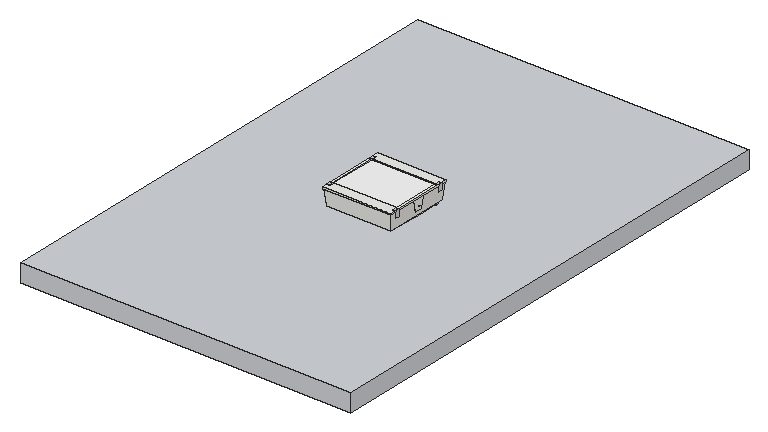
Revit family "ROBUST_xxx-DB", category Leuchten, Revit 2020
Family settings
  Basisbauteil = Fläche
  Bemaßung runder Anschluss = Durchmesser verwenden
  Teiletyp = Normal
  OmniClass-Nummer = 23.80.70.11
  OmniClass-Titel = Luminaries for Internal Lighting
  Beim Laden mit Abzugskörper schneiden = Nein
  Lichtquelle = Ja
  Gemeinsam genutzt = Nein
  Raumberechnungspunkt = Nein
Parameters (values of type "ROBUST NDWS840B1500-DB")
  weight = "7.4 kg"
  voltage type (AC-DC-UC) = "AC"
  rated input power = 118
  product name = "ROBUST NDWS840B1500-DB"
  nominal voltage = 230 V
  nominal frequency = "50-60 Hz"
  impact protection rating (IK) = "IK 09"  # constant formula
  built-in parameter 1150104 = 13.8 (stored number, unit not read)
  Width = 415 mm
  Wattage = 100.039 W
  Default Elevation = 0 mm
  Von Länge des Rechtecks aussenden = 386 mm
  Von Breite des Rechtecks ausssenden = 292 mm
  built-in parameter 1150113 = 1 (stored number, unit not read)
  built-in parameter 1114218 = 1 (stored number, unit not read)
  URL = "www.ridi.de"
  built-in parameter 1150134 = 12
  built-in parameter 1150109 = 1 (stored number, unit not read)
  built-in parameter 1150110 = 1 (stored number, unit not read)
  Apparent Load = 118 VA
  Tilt Angle = -90.00°
  Modell = "6068020"
  built-in parameter 1114217 = 1 (stored number, unit not read)
  built-in parameter 1150139 = (empty or 0)
  built-in parameter 1150105 = 9626.5 (stored number, unit not read)
  built-in parameter 1150114 = 1 (stored number, unit not read)
  Lumens = 14860 lm
  built-in parameter 1150115 = 1 (stored number, unit not read)
  Length = 415 mm
  built-in parameter 1150112 = 1 (stored number, unit not read)
  Lampe = "LED"
  IP Rating = "IP66"  # constant formula
  Hersteller = "RIDI Leuchten GmbH"  # constant formula
  Height = 130 mm  # constant formula
  Dimming Lamp Color Temperature Shift = (empty or 0)
  Color Filter = 16777215
  built-in parameter 1150133 = 10 (stored number, unit not read)
  Emit Shape Visible in Rendering = no
  built-in parameter 1150137 = (empty or 0)
  built-in parameter 1150132 = 2
  Datei für fotometrisches Netz = "ROBUST NDWS840B1500-DB.IES"
  Copyright = "© RIDI. All rights reserved."  # constant formula
  Certification = "CE"  # constant formula
  Beschreibung = "Anbauindustrieleuchte Schutzart IP66 für Decken-, Pendel- oder Tragschienenmontage.\r\nStabiles Leuchtengehäuse aus Aluminiumdruckguss, weiß, pulverbeschichtet, Farbe ähnlich\r\nRAL9016. RIDI-LED-Module als Linearplatine ausgebildet, bestückt mit LEDs mit erhöhter\r\nSchadgasfestigkeit. Scheibe aus Einscheibensicherheitsglas (ESG), strukturiert, über\r\nEdelstahl-Verschlüsse am Gehäuse befestigt und mit Schrauben gesichert.\r\nSchlagfestigkeit IK09.\r\nFarbwiedergabeindex Ra >= 80, Farbtemperatur 4000 Kelvin (840)\r\nElektrische Ausführungen:\r\nElektronischer Konverter für LED, 230-240 Volt, 0/50/60 Hz und innen\r\nliegender Anschlussklemme 5x2,5mm². Netzanschlussleitung ÖLFLEX 3x1,0mm²\r\nschwarz mit offenem Ende, Länge 2m. Offene Enden mit Leuchtenklemme geschützt.\r\nLeuchte mit integriertem 10kV-Transientenfilter entsprechend der DB-Anforderungen.\r\nBetriebsgerät: schaltbar"
  built-in parameter 1150106 = 96.265 (stored number, unit not read)
  Baugruppenkennzeichen = "D5020200"
  built-in parameter 1150107 = 4000 (stored number, unit not read)
  built-in parameter 1150102 = (empty or 0)
  built-in parameter 1150138 = (empty or 0)
Types (3, lengths in mm): name | rated input power | product name | Wattage | Apparent Load | Modell | built-in parameter 1150105 | Lumens | Datei für fotometrisches Netz | built-in parameter 1150106
  (no name) | 118 | "ROBUST NDWS840B1500-DB" | 100.039 W | 118 VA | "6068020" | 9626.5 (stored number, unit not read) | 14860 lm | "ROBUST NDWS840B1500-DB.IES" | 96.265 (stored number, unit not read)
  ROBUST NDWS840B1500-DB | 118 | "ROBUST NDWS840B1500-DB" | 100.039 W | 118 VA | "6068020" | 9626.5 (stored number, unit not read) | 14860 lm | "ROBUST NDWS840B1500-DB.IES" | 96.265 (stored number, unit not read)
  ROBUST NDWS840B2000-DB | 158 | "ROBUST NDWS840B2000-DB" | 132.892 W | 158 VA | "6068007" | 13653.4 (stored number, unit not read) | 19740 lm | "ROBUST NDWS840B2000-DB.IES" | 136.53 (stored number, unit not read)
Reference planes
  plane 1 "Mitte (Vorne/hinten)": y = 0
  plane 2: z = 0
  plane 3 "Mitte (Links/rechts)": x = 0
Forms (mm)
  Extrusion 1, solid
    sketch origin (219.2, 280.8, 0) x (1, 0, 0) y (0, 1, 0)
      loop
        line (-1219.2, 1219.2) -> (-1219.2, -1780.8) -> (780.8, -1780.8) -> (780.8, 1219.2) -> (-1219.2, 1219.2)
    from 0 to -107.307
  Extrusion 2, solid, material "RIDI Metall White 9016"
    sketch origin (0, 0, 0) x (1, 0, 0) y (0, 1, 0)
      loop
        line (-207.5, -207.5) -> (207.5, -207.5) -> (207.5, 207.5) -> (-207.5, 207.5) -> (-207.5, -207.5)
    from 116 to 124.9
  Blend 3, solid, material "RIDI Metall White 9016"
    base sketch origin (0, 0, 0) x (1, 0, 0) y (0, 1, 0)
      loop
        line (-202.4, -202.4) -> (202.4, -202.4) -> (202.4, 202.4) -> (-202.4, 202.4) -> (-202.4, -202.4)
    top sketch origin (0, 0, 0) x (1, 0, 0) y (0, 1, 0)
      loop
        line (-194, -194) -> (194, -194) -> (194, 194) -> (-194, 194) -> (-194, -194)
    from 116 to 20
  Extrusion 4, solid, material "RIDI Metall White 9016"
    sketch origin (0, 0, 125) x (0, -1, 0) y (0, 0, -1)
      loop
        line (0, 9) -> (35, 9) -> (17.985, 72.5) -> (0, 72.5) -> (-17.985, 72.5) -> (-35, 9) -> (0, 9)
    from 194 to 207.5
  Extrusion 5, void
    sketch origin (0, 0, 23.631) x (0, 1, 0) y (0, 0, 1)
      loop
        line (5.5, 50.87) -> (3.889, 54.759) -> (0, 56.369) -> (-3.889, 54.759) -> (-5.5, 50.87) -> (-3.889, 46.981) -> (0, 45.37) -> (3.889, 46.981) -> (5.5, 50.87)
    from 194 to 215.982
  Extrusion 6, solid
    sketch origin (0, 0, 0) x (0, 1, 0) y (0, 0, 1)
      loop
        line (173.971, 85) -> (173.971, 125) -> (151.452, 125) -> (151.452, 85) -> (173.971, 85)
      loop
        line (-173.971, 85) -> (-151.452, 85) -> (-151.452, 125) -> (-173.971, 125) -> (-173.971, 85)
    from 190 to 207.6
  Extrusion 7, solid, material "RIDI Metall White 9016"
    sketch origin (-8, -106.007, -6) x (1, 0, 0) y (0, 1, 0)
      loop
        line (0, 6) -> (0, -10) -> (16, -10) -> (16, 6) -> (0, 6)
      loop
        line (0, 206.014) -> (16, 206.014) -> (16, 222.014) -> (0, 222.014) -> (0, 206.014)
    from 6 to 26
  Extrusion 8, solid, material "RIDI Metall White 9016"
    sketch origin (0, 0, 0) x (1, 0, 0) y (0, 1, 0)
      loop
        line (140, -141.479) -> (137.51, -142.51) -> (136.479, -145) -> (137.51, -147.49) -> (140, -148.521) -> (142.49, -147.49) -> (143.521, -145) -> (142.49, -142.51) -> (140, -141.479)
      loop
        line (-139.924, -141.479) -> (-142.414, -142.51) -> (-143.445, -145) -> (-142.414, -147.49) -> (-139.924, -148.521) -> (-137.434, -147.49) -> (-136.402, -145) -> (-137.434, -142.51) -> (-139.924, -141.479)
      loop
        line (140, 141.479) -> (142.49, 142.51) -> (143.521, 145) -> (142.49, 147.49) -> (140, 148.521) -> (137.51, 147.49) -> (136.479, 145) -> (137.51, 142.51) -> (140, 141.479)
      loop
        line (-139.924, 141.479) -> (-137.434, 142.51) -> (-136.402, 145) -> (-137.434, 147.49) -> (-139.924, 148.521) -> (-142.414, 147.49) -> (-143.445, 145) -> (-142.414, 142.51) -> (-139.924, 141.479)
    from 15 to 20
  Extrusion 9, solid
    sketch origin (0, 0, 0) x (0, 1, 0) y (0, 0, -1)
      loop
        line (173.971, -85) -> (151.452, -85) -> (151.452, -125) -> (173.971, -125) -> (173.971, -85)
      loop
        line (-173.971, -85) -> (-173.971, -125) -> (-151.452, -125) -> (-151.452, -85) -> (-173.971, -85)
    from 190 to 207.6
  Extrusion 10, solid, material "RIDI Metall White 9016"
    sketch origin (0, 0, 125) x (0, -1, 0) y (0, 0, 1)
      loop
        line (0, -9) -> (-35, -9) -> (-17.985, -72.5) -> (0, -72.5) -> (17.985, -72.5) -> (35, -9) -> (0, -9)
    from 194 to 207.5
  Extrusion 11, void
    sketch origin (0, 0, 23.631) x (0, 1, 0) y (0, 0, -1)
      loop
        line (5.5, -50.87) -> (3.889, -46.981) -> (0, -45.37) -> (-3.889, -46.981) -> (-5.5, -50.87) -> (-3.889, -54.759) -> (0, -56.369) -> (3.889, -54.759) -> (5.5, -50.87)
    from 194 to 215.982
  Extrusion 12, void
    sketch origin (0, 0, 0) x (1, 0, 0) y (0, 1, 0)
      loop
        line (-193, 146) -> (-193, -146) -> (193, -146) -> (193, 146) -> (-193, 146)
    from 0 to 5
  Extrusion 13, void
    sketch origin (0, 0, 0) x (1, 0, 0) y (0, 1, 0)
      loop
        line (-193, 146) -> (-193, -146) -> (193, -146) -> (193, 146) -> (-193, 146)
    from 123 to 137.406
Cuts and joins
  Extrusion 5, Extrusion 11 cuts Extrusion 4
  Extrusion 11 cuts Blend 3
  Extrusion 11 cuts Extrusion 10
  Extrusion 12, Extrusion 13 cuts Extrusion 7
  Extrusion 13 cuts Extrusion 2
Lines and regions (mm)
  reference lines
    curve 1: line (-177, 48.677, 0) -> (-177, -61.323, 0)
Dimensions and locks
  equal spacing: group 12, group 11, group 10, group 9
  equal spacing: group 9, group 10, group 11, group 12  (x2)
  aligned and locked: plane 2 to Extrusion 1
  aligned and locked: level to Extrusion 1
Nested families
  nested 1: "ROBUST-G2_Kühlrippe" at (-147.494, 0, 20) x (1, 0, 0) z (0, 0, -1), type "ROBUST-G2_Kühlrippe"
  nested 2: "ROBUST-G2_Kühlrippe" at (-117.987, 0, 20) x (1, 0, 0) z (0, 0, -1), type "ROBUST-G2_Kühlrippe"
  nested 3: "ROBUST-G2_Kühlrippe" at (-88.481, 0, 20) x (1, 0, 0) z (0, 0, -1), type "ROBUST-G2_Kühlrippe"
  nested 4: "ROBUST-G2_Kühlrippe" at (-58.975, 0, 20) x (1, 0, 0) z (0, 0, -1), type "ROBUST-G2_Kühlrippe"
  nested 5: "ROBUST-G2_Kühlrippe" at (-29.468, 0, 20) x (1, 0, 0) z (0, 0, -1), type "ROBUST-G2_Kühlrippe"
  nested 6: "ROBUST-G2_Kühlrippe" at (0.038, 0, 20) x (1, 0, 0) z (0, 0, -1), type "ROBUST-G2_Kühlrippe"
  nested 7: "ROBUST-G2_Kühlrippe" at (29.545, 0, 20) x (1, 0, 0) z (0, 0, -1), type "ROBUST-G2_Kühlrippe"
  nested 8: "ROBUST-G2_Kühlrippe" at (59.051, 0, 20) x (1, 0, 0) z (0, 0, -1), type "ROBUST-G2_Kühlrippe"
  nested 9: "ROBUST-G2_Kühlrippe kurz" at (177.076, 0, 20) x (1, 0, 0) z (0, 0, -1), type "ROBUST-G2_Kühlrippe kurz"
  nested 10: "ROBUST-G2_Kühlrippe kurz" at (147.57, 0, 20) x (1, 0, 0) z (0, 0, -1), type "ROBUST-G2_Kühlrippe kurz"
  nested 11: "ROBUST-G2_Kühlrippe kurz" at (118.064, 0, 20) x (1, 0, 0) z (0, 0, -1), type "ROBUST-G2_Kühlrippe kurz"
  nested 12: "ROBUST-G2_Kühlrippe kurz" at (88.557, 0, 20) x (1, 0, 0) z (0, 0, -1), type "ROBUST-G2_Kühlrippe kurz"
  nested 13: "ROBUST-G2_Kühlrippe kurz" at (-177.076, 0, 20) x (-1, 0, 0) z (0, 0, -1), type "ROBUST-G2_Kühlrippe kurz"
  nested 14: "kabelverschraubung m20" at (170, 170, 20) x (1, 0, 0) z (0, 0, -1), type "kabelverschraubung m20"
Connectors
  electrical at (170, 170, 0.037), driven by "nominal voltage", driven by "Apparent Load"
    settings: on nested 14, index 1, voltage 230 V, apparent load 0 VA, apparent load phase1 118 VA, apparent load phase2 0 VA, apparent load phase3 0 VA, power factor 1, load classification "Lighting", number of poles 1, system type 31, power factor state 1, is connector primary yes, connector utility no, sub classification motor no, connector description ""
Definition of nested family "ROBUST-G2_Kühlrippe"
  Parameters (values of type "ROBUST-G2_Kühlrippe")
    Width = 400 mm
    Weight = "2.0 kg"
    Default Elevation = 0 mm
    Suspension H = 500 mm
    Scheinlast = 25 VA
    Model = "1522025"
    Length = 690 mm
    Lampe = "LED"
    IP Rating = "IP 20 ; IP 54"
    Manufacturer = "RIDI Leuchten GmbH"  # constant formula
    Height = 14 mm  # constant formula
    Geräteträger = none
    Energy Class = "A++ - A"  # constant formula
    Enddeckel = none
    Copyright = "© RIDI. All rights reserved."  # constant formula
    Certification = "CE"  # constant formula
    Apparent Load = 0 VA
  Reference planes
    plane 1 "Mitte (Vorne/hinten)": y = 0
    plane 2: z = 0
    plane 3 "Mitte (Links/rechts)": x = 0
  Forms (mm)
    Extrusion 1, solid
      sketch origin (219.2, 280.8, 0) x (1, 0, 0) y (0, 1, 0)
        loop
          line (-1219.2, 1219.2) -> (-1219.2, -1780.8) -> (780.8, -1780.8) -> (780.8, 1219.2) -> (-1219.2, 1219.2)
      from 0 to -107.307
    Extrusion 2, solid
      sketch origin (0, -15, 0) x (0, 1, 0) y (0, 0, 1)
        loop
          line (-153.741, 0) -> (183.741, 0) -> (173.548, 16) -> (80, 20) -> (-50, 20) -> (-143.548, 16) -> (-153.741, 0)
      from -1.5 to 1.5
  Dimensions and locks
    aligned and locked: plane 2 to Extrusion 1
    aligned and locked: level to Extrusion 1
Definition of nested family "ROBUST-G2_Kühlrippe kurz"
  Parameters (values of type "ROBUST-G2_Kühlrippe kurz")
    Width = 400 mm
    Weight = "2.0 kg"
    Default Elevation = 0 mm
    Suspension H = 500 mm
    Scheinlast = 25 VA
    Model = "1522025"
    Length = 690 mm
    Lampe = "LED"
    IP Rating = "IP 20 ; IP 54"
    Manufacturer = "RIDI Leuchten GmbH"  # constant formula
    Height = 14 mm  # constant formula
    Geräteträger = none
    Energy Class = "A++ - A"  # constant formula
    Enddeckel = none
    Copyright = "© RIDI. All rights reserved."  # constant formula
    Certification = "CE"  # constant formula
    Apparent Load = 0 VA
  Reference planes
    plane 1 "Mitte (Vorne/hinten)": y = 0
    plane 2: z = 0
    plane 3 "Mitte (Links/rechts)": x = 0
  Forms (mm)
    Extrusion 1, solid
      sketch origin (219.2, 280.8, 0) x (1, 0, 0) y (0, 1, 0)
        loop
          line (-1219.2, 1219.2) -> (-1219.2, -1780.8) -> (780.8, -1780.8) -> (780.8, 1219.2) -> (-1219.2, 1219.2)
      from 0 to -107.307
    Extrusion 2, solid
      sketch origin (0, -15, 0) x (0, 1, 0) y (0, 0, 1)
        loop
          line (-138.741, 0) -> (183.741, 0) -> (173.548, 16) -> (80, 20) -> (-50, 20) -> (-128.128, 16.659) -> (-138.741, 0)
      from -1.5 to 1.5
  Dimensions and locks
    aligned and locked: plane 2 to Extrusion 1
    aligned and locked: level to Extrusion 1
Definition of nested family "kabelverschraubung m20"
  Parameters
    Default Elevation = 1219.2 mm
  Reference planes
    plane 1 "Mitte (Vorne/hinten)": y = 0
    plane 2: z = 0
    plane 3 "Mitte (Links/rechts)": x = 0
  Forms (mm)
    Extrusion 1, solid
      sketch origin (0, 0, 0) x (1, 0, 0) y (0, 1, 0)
        loop
          line (-1219.2, 1219.2) -> (-1219.2, -1219.2) -> (1219.2, -1219.2) -> (1219.2, 1219.2) -> (-1219.2, 1219.2)
      from 0 to -304.8
    Extrusion 2, solid
      sketch origin (0, 0, 0) x (1, 0, 0) y (0, 1, 0)
        loop
          line (12, 6.928) -> (0, 13.856) -> (-12, 6.928) -> (-12, -6.928) -> (0, -13.856) -> (12, -6.928) -> (12, 6.928)
      from 8 to 19.963
    Revolve 3, solid
      sketch origin (0, 0, 0) x (1, 0, 0) y (0, 0, 1)
        loop
          line (0, 5) -> (10, 5) -> (10, 19.963) -> (12, 19.963)
          arc (12, 19.963) -> (10.518, 23.525) -> (6.953, 25) r 5.047
          line (6.953, 25) -> (0, 25) -> (0, 5)
        axis (0, 25) -> (0, 5)
      angle from 0 to 360
    Extrusion 4, solid
      sketch origin (0, 0, 0) x (1, 0, 0) y (0, 1, 0)
        loop
          line (12, 6.928) -> (0, 13.856) -> (-12, 6.928) -> (-12, -6.928) -> (0, -13.856) -> (12, -6.928) -> (12, 6.928)
      from 8 to 19.963
    Extrusion 5, solid
      sketch origin (0, 0, 0) x (1, 0, 0) y (0, 1, 0)
        loop
          line (12, 6.928) -> (0, 13.856) -> (-12, 6.928) -> (-12, -6.928) -> (0, -13.856) -> (12, -6.928) -> (12, 6.928)
      from 0 to 5
  Lines and regions (mm)
    reference lines
      curve 1: line (0, 0, 25) -> (25.592, 0, 25)
  Dimensions and locks
    group 1 to group 2 = 0 mm  (x3)
    aligned and locked: plane 2 to Extrusion 1
    aligned and locked: level to Extrusion 1
